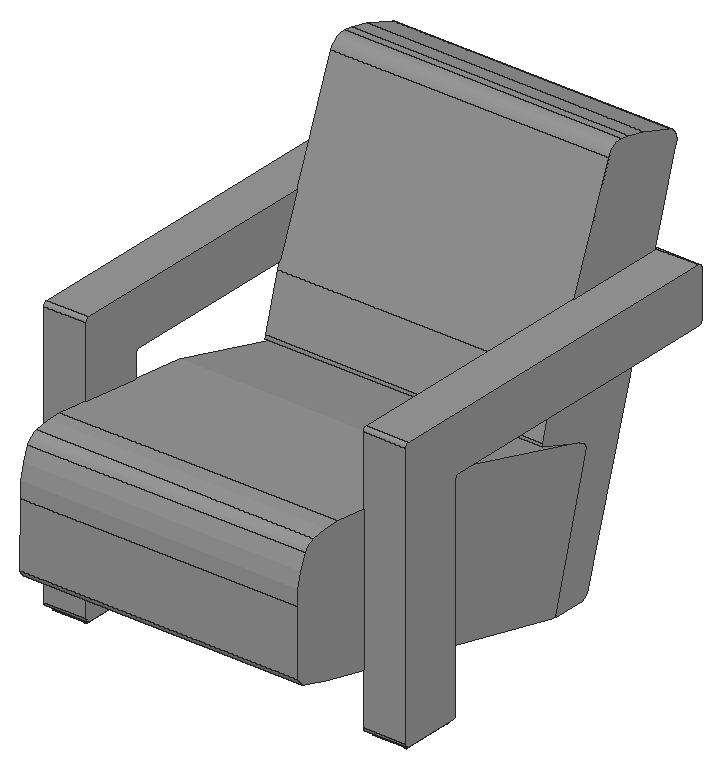
Revit family "Haworth_Utrecht_LoungeChair", category Furniture, Revit 2018
Family settings
  OmniClass Number = 23.40.70.14.64.21
  OmniClass Title = Systems Furniture
  Work Plane-Based = No
  Always vertical = Yes
  Cut with Voids When Loaded = No
  Shared = No
  Room Calculation Point = No
Parameters (values of type "Lounge Chair")
  Warranty = "http://www.haworth.com/resources/product-info/warranties"
  URL - Product = "https://www.haworth.com/na/en/products/lounge-sofas/ottomans/utrecht.html"
  URL = "https://www.haworth.com/na/en/about/brands/haworth-collection.html"
  Two Seat Sofa = not(Lounge Chair)  # no
  Sustainability Info = "https://www.haworth.com/na/en/expertise/sustainability.html"
  Size = "Verify Final Dim. w/ Haworth"  # constant formula
  Seat Upholstery Finish [instance] = Haworth _ Fabric _ Undecided _ Seating _ Lounge
  Revision Number = "1"  # constant formula
  Model = "Utrect"  # constant formula
  Manufacturer = "Haworth"  # constant formula
  Lounge Chair = yes
  Description = "Haworth - Cassina - Utrect - Lounge Chair"  # constant formula
  Back Upholstery Finish [instance] = Haworth _ Fabric _ Undecided _ Seating _ Lounge
  Author = "Haworth (Bentzen)"  # constant formula
  Assembly Code = "E2020200"
  Arm Upholstery Finish [instance] = Haworth _ Fabric _ Undecided _ Seating _ Lounge
  Actual Width = if(Lounge Chair, 25.200", 47.200")  # 25.200"
  Actual Height = 27.500"  # constant formula
  Actual Depth = 33.400"  # constant formula
Types (2): name | Two Seat Sofa | Lounge Chair | Actual Width
  Lounge Chair | no | yes | 25.200"
  Two Seat Sofa | yes | no | 47.200"
Reference planes (in)
  plane 1: z = 0
  plane 2 "Center (Left/Right)": x = 57.68562
  plane 3 "Back": y = 63.18871
  plane 4 "Front": y = 29.78871
  plane 5 "Center (Front/Back)": y = 46.48871
  plane 6 "Left": x = 45.08562
  plane 7 "Right": x = 70.28562
  plane 8: x = 45.3786
  plane 9: x = 48.39037
  plane 10: x = 69.99265
  plane 11: x = 66.98087
  plane 12: x = 48.0357
  plane 13: y = 30.20059
  plane 14: y = 61.67136
  plane 15: y = 55.11087
  plane 16: y = 39.94441
Lines and regions (in)
  Masking region 1
    outline origin (0, 0, 0) x (1, 0, 0) y (0, 1, 0)
      loop
        line (48.0357, 63.18871) -> (48.0357, 30.20059) -> (67.3357, 30.20059) -> (67.3357, 63.18871) -> (48.0357, 63.18871)
  symbolic lines
    curve 1: line (45.08562, 61.67136, 0) -> (48.0357, 61.67136, 0)
    curve 2: line (45.08562, 35.95343, 0) -> (45.08562, 61.67136, 0)
    curve 3: line (48.0357, 35.95343, 0) -> (45.08562, 35.95343, 0)
    curve 4: line (70.28562, 61.67136, 0) -> (67.33554, 61.67136, 0)
    curve 5: line (70.28562, 35.95343, 0) -> (70.28562, 61.67136, 0)
    curve 6: line (67.33554, 35.95343, 0) -> (70.28562, 35.95343, 0)
Dimensions and locks (in)
  "Actual Width": plane 6 "Left" to plane 7 "Right"
  "Actual Depth": plane 3 "Back" to plane 4 "Front"
  locked: plane 6 "Left" to plane 8 at 0.29297
  locked: plane 6 "Left" to plane 9 at 3.30475
  equal spacing: plane 6 "Left", plane 2 "Center (Left/Right)", plane 7 "Right"
  locked: plane 10 to plane 7 "Right" at 0.29297
  locked: plane 11 to plane 7 "Right" at 3.30475
  locked: plane 6 "Left" to plane 12 at 2.95008
  locked: plane 13 to plane 4 "Front" at 0.41188
  locked: plane 3 "Back" to plane 14 at 1.51735
  locked: plane 3 "Back" to plane 15 at 8.07784
  locked: plane 16 to plane 4 "Front" at 10.1557
  equal spacing: plane 3 "Back", plane 5 "Center (Front/Back)", plane 4 "Front"
  aligned and locked: nested 5 to plane 7 "Right"
  aligned and locked: plane 6 "Left" to nested 1
  aligned and locked: nested 6 to plane 9
  aligned and locked: nested 3 to plane 8
  aligned and locked: nested 8 to plane 11
  aligned and locked: nested 7 to plane 10
  aligned and locked: nested 4 to plane 12
  aligned and locked: plane 3 "Back" to Masking region 1
  aligned and locked: plane 13 to Masking region 1
  aligned and locked: plane 14 to curve 4
  aligned and locked: nested 5 to plane 14
  aligned and locked: plane 14 to nested 1
  aligned and locked: nested 7 to plane 16
  aligned and locked: plane 16 to nested 3
  aligned and locked: plane 15 to nested 6
  aligned and locked: nested 8 to plane 15
  aligned and locked: plane 13 to nested 4
  aligned and locked: nested 2 to plane 3 "Back"
  aligned and locked: plane 2 "Center (Left/Right)" to nested 2
Automatic sketch dimensions
  curve 1 to plane 6 "Left" = 0.000"
  curve 1 to plane 12 = 0.000"
  curve 3 to plane 12 = 0.000"
  curve 5 to plane 7 "Right" = 0.000"
  plane 4 "Front" to curve 6 = 6.16472"
  plane 4 "Front" to curve 2 = 6.16472"
  curve 1 to plane 3 "Back" = 1.51735"
  curve 4 to plane 11 = 0.35467"
  curve 6 to plane 11 = 0.35467"
  Masking region 1 sketch curve to plane 12 = 0.000"
  Masking region 1 sketch curve to plane 3 "Back" = 0.000"
  Masking region 1 sketch curve to plane 11 = 0.35483"
  plane 4 "Front" to Masking region 1 sketch curve = 0.41188"
Nested families (in)
  nested 1: "Haworth_Utrecht_LoungeChair_PART_Arm" at (75, -0.20629, 0), Arm Upholstery Finish <- "Arm Upholstery Finish", type "Arm"
    with Arm Upholstery Finish Haworth _ Fabric _ Undecided _ Seating _ Lounge
  nested 2: "Haworth_Utrecht_LoungeChair_PART_Back" at (69.99992, -0.39056, 0), Back Upholstery Finish <- "Back Upholstery Finish", type "Back"
    with Back Upholstery Finish Haworth _ Fabric _ Undecided _ Seating _ Lounge, Two-Seater no, One-Seater yes, Bench Width 19.300"
  nested 3: "Haworth_Utrecht_LoungeChair_PART_Glide" at (-11.74059, -8.99009, 0), type "Glide"
  nested 4: "Haworth_Utrecht_LoungeChair_PART_Seat" at (0, 0.05554, 0), Seat Upholstery Finish <- "Seat Upholstery Finish", type "Seat"
    with Seat Upholstery Finish Haworth _ Fabric _ Undecided _ Seating _ Lounge
  nested 5: "Haworth_Utrecht_LoungeChair_PART_Arm" at (40.37124, -0.20629, 0) x (-1, 0, 0) z (0, 0, 1), Arm Upholstery Finish <- "Arm Upholstery Finish", type "Arm"
    with Arm Upholstery Finish Haworth _ Fabric _ Undecided _ Seating _ Lounge
  nested 6: "Haworth_Utrecht_LoungeChair_PART_Glide" at (97.32487, -4.36756, 0) x (0, 1, 0) z (0, 0, 1), type "Glide"
  nested 7: "Haworth_Utrecht_LoungeChair_PART_Glide" at (127.11183, -8.99009, 0) x (-1, 0, 0) z (0, 0, 1), type "Glide"
  nested 8: "Haworth_Utrecht_LoungeChair_PART_Glide" at (18.04637, -4.36756, 0) x (0, 1, 0) z (0, 0, 1), type "Glide"
Definition of nested family "Haworth_Utrecht_LoungeChair_PART_Arm"
  Parameters (values of type "Arm")
    Warranty = "http://www.haworth.com/resources/product-info/warranties"
    URL - Product = "https://www.haworth.com/na/en/products/lounge-sofas/ottomans/utrecht.html"
    URL = "https://www.haworth.com/na/en/about/brands/haworth-collection.html"
    Sustainability Info = "https://www.haworth.com/na/en/expertise/sustainability.html"
    Size = "Verify Final Dim. w/ Haworth"  # constant formula
    Revision Number = "1"  # constant formula
    Model = "Utrect"  # constant formula
    Manufacturer = "Haworth"  # constant formula
    Description = "Haworth - Cassina - Utrect - Lounge Chair"  # constant formula
    Author = "Haworth (Bentzen)"  # constant formula
    Assembly Code = "E2020200"
    Arm Upholstery Finish [instance] = none
    Actual Width = 25.200"  # constant formula
    Actual Height = 27.500"  # constant formula
    Actual Depth = 33.400"  # constant formula
  Reference planes (in)
    plane 1: z = 0
    plane 2 "Center (Left/Right)": x = -16.56474
    plane 3: y = 63.98875
    plane 4: y = 29.78875
    plane 5: y = 46.88875
    plane 6: x = -32.11474
    plane 7: x = -1.01474
    plane 8: x = -29.91438
    plane 9: x = -26.9643
    plane 10: y = 61.87765
    plane 11: y = 36.15972
  Forms (in)
    Extrusion 1, solid, material <- "Arm Upholstery Finish"
      sketch origin (-16.56474, 0, 0) x (0, 1, 0) y (0, 0, 1)
        loop
          line (61.62765, 19.2729) -> (36.40972, 19.2729)
          arc (36.40972, 19.2729) -> (36.23294, 19.19968) -> (36.15972, 19.0229) r 0.25
          line (36.15972, 19.0229) -> (36.15972, 0.55088)
          arc (36.15972, 0.55088) -> (36.23294, 0.3741) -> (36.40972, 0.30088) r 0.25
          line (36.40972, 0.30088) -> (40.20104, 0.30088)
          arc (40.20104, 0.30088) -> (40.37782, 0.3741) -> (40.45104, 0.55088) r 0.25
          line (40.45104, 0.55088) -> (40.45104, 15.21802)
          arc (40.45104, 15.21802) -> (40.52426, 15.3948) -> (40.70104, 15.46802) r 0.25
          line (40.70104, 15.46802) -> (61.62765, 15.46802)
          arc (61.62765, 15.46802) -> (61.80443, 15.54124) -> (61.87765, 15.71802) r 0.25
          line (61.87765, 15.71802) -> (61.87765, 19.0229)
          arc (61.87765, 19.0229) -> (61.80443, 19.19968) -> (61.62765, 19.2729) r 0.25
      from -13.34964 to -10.39956
Definition of nested family "Haworth_Utrecht_LoungeChair_PART_Back"
  Parameters (values of type "Back")
    Warranty = "http://www.haworth.com/resources/product-info/warranties"
    URL - Product = "https://www.haworth.com/na/en/products/lounge-sofas/ottomans/utrecht.html"
    URL = "https://www.haworth.com/na/en/about/brands/haworth-collection.html"
    Two-Seater = not([One-Seater])  # yes
    Sustainability Info = "https://www.haworth.com/na/en/expertise/sustainability.html"
    Size = "Verify Final Dim. w/ Haworth"  # constant formula
    Revision Number = "1"  # constant formula
    One-Seater = no
    Model = "Utrect"  # constant formula
    Manufacturer = "Haworth"  # constant formula
    Description = "Haworth - Cassina - Utrect - Lounge Chair"  # constant formula
    Bench Width = if([One-Seater], 19.300", 41.300")  # 41.300"
    Back Upholstery Finish [instance] = none
    Author = "Haworth (Bentzen)"  # constant formula
    Assembly Code = "E2020200"
    Actual Width = 25.200"  # constant formula
    Actual Height = 27.500"  # constant formula
    Actual Depth = 33.400"  # constant formula
  Reference planes (in)
    plane 1: z = 0
    plane 2: y = 63.98875
    plane 3: y = 29.78875
    plane 4: y = 46.88875
    plane 5: x = -21.9643
    plane 6: x = 19.3357
    plane 7: x = -1.3143
  Forms (in)
    Extrusion 1, solid, material <- "Back Upholstery Finish"
      sketch origin (-11.56474, 0, 0) x (0, 1, 0) y (0, 0, 1)
        loop
          arc (51.94928, 11.42626) -> (51.92768, 11.32503) -> (51.92118, 11.22173) r 0.70277
          arc (51.92118, 11.22173) -> (53.24998, 10.77034) -> (54.56885, 10.29074) r 65.86938
          arc (54.56885, 10.29074) -> (55.04667, 10.10656) -> (55.49454, 9.85828) r 3.70693
          arc (55.49454, 9.85828) -> (55.59504, 9.76105) -> (55.65139, 9.63307) r 0.36342
          line (55.65139, 9.63307) -> (55.6365, 9.55868) -> (53.01383, 0.41493)
          arc (53.01383, 0.41493) -> (53.03472, 0.22072) -> (53.18529, 0.09628) r 0.2591
          line (53.18529, 0.09628) -> (55.18752, 0.08186)
          arc (55.18752, 0.08186) -> (55.5085, 0.16872) -> (55.73844, 0.40893) r 0.62002
          line (55.73844, 0.40893) -> (63.38698, 24.58723) -> (63.57927, 25.34329)
          arc (63.57927, 25.34329) -> (63.40997, 25.86781) -> (62.97765, 26.20971) r 0.94875
          arc (62.97765, 26.20971) -> (61.87949, 26.62395) -> (60.77038, 27.00795) r 42.8216
          arc (60.77038, 27.00795) -> (60.11795, 27.19671) -> (59.45308, 27.33542) r 8.946
          arc (59.45308, 27.33542) -> (59.13875, 27.38529) -> (58.82313, 27.42623) r 11.21941
          arc (58.82313, 27.42623) -> (58.11798, 27.27448) -> (57.65038, 26.72528) r 1.1236
          line (57.65038, 26.72528) -> (53.00701, 15.05088) -> (51.94928, 11.42626)
      from -10.39956 to 30.90044
  Dimensions and locks (in)
    "Bench Width": plane 5 to plane 6
    equal spacing: plane 5, plane 7, plane 6
    aligned and locked: plane 5 to Extrusion 1
    aligned and locked: Extrusion 1 to plane 6
  Automatic sketch dimensions
    plane 3 to Extrusion 1 sketch curve = 1.61121"
    plane 4 to Extrusion 1 sketch curve = 0.42777"
    plane 4 to Extrusion 1 sketch curve = 5.06053"
    Extrusion 1 sketch curve to Extrusion 1 sketch curve = 0.67463"
    Extrusion 1 sketch curve to Extrusion 1 sketch curve = 1.05773"
    level to Extrusion 1 sketch curve = 0.41493"
    level to Extrusion 1 sketch curve = 0.09628"
    Extrusion 1 sketch curve to Extrusion 1 sketch curve = 0.17146"
    Extrusion 1 sketch curve to Extrusion 1 sketch curve = 0.07761"
    Extrusion 1 sketch curve to Extrusion 1 sketch curve = 0.85377"
    level to Extrusion 1 sketch curve = 0.08186"
    Extrusion 1 sketch curve to Extrusion 1 sketch curve = 1.92463"
    Extrusion 1 sketch curve to Extrusion 1 sketch curve = 0.00447"
    Extrusion 1 sketch curve to Extrusion 1 sketch curve = 2.6729"
    Extrusion 1 sketch curve to Extrusion 1 sketch curve = 0.33968"
    level to Extrusion 1 sketch curve = 0.40893"
    Extrusion 1 sketch curve to Extrusion 1 sketch curve = 0.54645"
    Extrusion 1 sketch curve to Extrusion 1 sketch curve = 4.53108"
    Extrusion 1 sketch curve to plane 2 = 6.33837"
    Extrusion 1 sketch curve to Extrusion 1 sketch curve = 0.4216"
    Extrusion 1 sketch curve to Extrusion 1 sketch curve = 1.04405"
    Extrusion 1 sketch curve to plane 2 = 1.35808"
    Extrusion 1 sketch curve to plane 2 = 0.60177"
    Extrusion 1 sketch curve to plane 2 = 0.40948"
    Extrusion 1 sketch curve to level = 13.64526"
    Extrusion 1 sketch curve to Extrusion 1 sketch curve = 37.72418"
    Extrusion 1 sketch curve to Extrusion 1 sketch curve = 6.04618"
    Extrusion 1 sketch curve to Extrusion 1 sketch curve = 2.80532"
    Extrusion 1 sketch curve to Extrusion 1 sketch curve = 0.00532"
    Extrusion 1 sketch curve to Extrusion 1 sketch curve = 1.67603"
    Extrusion 1 sketch curve to Extrusion 1 sketch curve = 0.19687"
    Extrusion 1 sketch curve to Extrusion 1 sketch curve = 3.62462"
    Extrusion 1 sketch curve to Extrusion 1 sketch curve = 1.22977"
    Extrusion 1 sketch curve to Extrusion 1 sketch curve = 2.23429"
    Extrusion 1 sketch curve to Extrusion 1 sketch curve = 6.07228"
    Extrusion 1 sketch curve to Extrusion 1 sketch curve = 0.73946"
    Extrusion 1 sketch curve to Extrusion 1 sketch curve = 0.75606"
    Extrusion 1 sketch curve to Extrusion 1 sketch curve = 0.98333"
    Extrusion 1 sketch curve to Extrusion 1 sketch curve = 0.41526"
    Extrusion 1 sketch curve to Extrusion 1 sketch curve = 0.0281"
    Extrusion 1 sketch curve to Extrusion 1 sketch curve = 0.72796"
    Extrusion 1 sketch curve to Extrusion 1 sketch curve = 0.000"  (x3)
    Extrusion 1 sketch curve to Extrusion 1 sketch curve = 0.01489"
    Extrusion 1 sketch curve to Extrusion 1 sketch curve = 0.62995"
    plane 4 to Extrusion 1 sketch curve = 6.12508"
Definition of nested family "Haworth_Utrecht_LoungeChair_PART_Glide"
  Parameters (values of type "Glide")
    Warranty = "http://www.haworth.com/resources/product-info/warranties"
    URL - Product = "https://www.haworth.com/na/en/products/lounge-sofas/ottomans/utrecht.html"
    URL = "https://www.haworth.com/na/en/about/brands/haworth-collection.html"
    Sustainability Info = "https://www.haworth.com/na/en/expertise/sustainability.html"
    Size = "Verify Final Dim. w/ Haworth"  # constant formula
    Revision Number = "1"  # constant formula
    Model = "Utrect"  # constant formula
    Manufacturer = "Haworth"  # constant formula
    Description = "Haworth - Cassina - Utrect - Lounge Chair"  # constant formula
    Author = "Haworth (Bentzen)"  # constant formula
    Assembly Code = "E2020200"
    Actual Width = 25.200"  # constant formula
    Actual Height = 27.500"  # constant formula
    Actual Depth = 33.400"  # constant formula
  Reference planes (in)
    plane 1: z = 0
    plane 2 "Center (Left/Right)": x = 58.43526
    plane 3: y = 48.9345
    plane 4: y = 45.39118
    plane 5: y = 46.88875
    plane 6: x = 57.11918
    plane 7: x = 59.47843
  Forms (in)
    Extrusion 1, solid
      sketch origin (58.43526, 0, 0) x (0, 1, 0) y (0, 0, 1)
        loop
          line (48.9345, 0.77611) -> (45.39118, 0.77611) -> (45.39118, 0.05)
          arc (45.39118, 0.05) -> (45.40582, 0.01464) -> (45.44118, 0) r 0.05
          line (45.44118, 0) -> (48.8845, 0)
          arc (48.8845, 0) -> (48.91985, 0.01464) -> (48.9345, 0.05) r 0.05
          line (48.9345, 0.05) -> (48.9345, 0.77611)
      from -1.31608 to 1.04318
Definition of nested family "Haworth_Utrecht_LoungeChair_PART_Seat"
  Parameters (values of type "Seat")
    Warranty = "http://www.haworth.com/resources/product-info/warranties"
    URL - Product = "https://www.haworth.com/na/en/products/lounge-sofas/ottomans/utrecht.html"
    URL = "https://www.haworth.com/na/en/about/brands/haworth-collection.html"
    Two-Seater = not([One-Seater])  # no
    Sustainability Info = "https://www.haworth.com/na/en/expertise/sustainability.html"
    Size = "Verify Final Dim. w/ Haworth"  # constant formula
    Seat Upholstery Finish [instance] = none
    Revision Number = "1"  # constant formula
    One-Seater = yes
    Model = "Utrect"  # constant formula
    Manufacturer = "Haworth"  # constant formula
    Description = "Haworth - Cassina - Utrect - Lounge Chair"  # constant formula
    Bench Width = if([One-Seater], 19.300", 41.300")  # 19.300"
    Author = "Haworth (Bentzen)"  # constant formula
    Assembly Code = "E2020200"
    Actual Width = 25.200"  # constant formula
    Actual Height = 27.500"  # constant formula
    Actual Depth = 33.400"  # constant formula
  Reference planes (in)
    plane 1: z = 0
    plane 2 "Center (Left/Right)": x = 58.43526
    plane 3: y = 63.98875
    plane 4: y = 29.78875
    plane 5: y = 46.88875
    plane 6: x = 42.88526
    plane 7: x = 73.98526
    plane 8: x = 48.0357
    plane 9: x = 67.3357
  Forms (in)
    Extrusion 1, solid, material <- "Seat Upholstery Finish"
      sketch origin (58.43526, 0, 0) x (0, 1, 0) y (0, 0, 1)
        loop
          arc (54.12275, 10.29074) -> (44.04234, 13.18648) -> (33.63009, 14.44555) r 65.86938
          arc (33.63009, 14.44555) -> (32.60776, 14.4163) -> (31.59925, 14.2462) r 7.39092
          arc (31.59925, 14.2462) -> (31.16265, 14.03758) -> (30.84863, 13.66945) r 1.16384
          arc (30.84863, 13.66945) -> (30.29174, 12.18678) -> (30.15848, 10.60859) r 5.77615
          arc (30.15848, 10.60859) -> (30.21515, 8.35654) -> (30.14505, 6.10486) r 40.0332
          arc (30.14505, 6.10486) -> (30.41338, 5.70447) -> (30.82796, 5.45861) r 1.09192
          arc (30.82796, 5.45861) -> (31.72063, 5.18317) -> (32.62038, 4.93186) r 34.71397
          arc (32.62038, 4.93186) -> (42.4133, 2.44548) -> (52.25524, 0.16082) r 491.73808
          arc (52.25524, 0.16082) -> (52.51309, 0.20871) -> (52.65777, 0.42746) r 0.33561
          arc (52.65777, 0.42746) -> (53.72918, 5.03992) -> (55.21374, 9.53644) r 52.25319
          arc (55.21374, 9.53644) -> (55.17399, 9.7194) -> (55.04844, 9.85828) r 0.36342
          arc (55.04844, 9.85828) -> (54.60057, 10.10656) -> (54.12275, 10.29074) r 3.70693
      from -10.39956 to 8.90044
  Dimensions and locks (in)
    "Bench Width": plane 8 to plane 9
    aligned and locked: plane 8 to Extrusion 1
    aligned and locked: Extrusion 1 to plane 9
  Automatic sketch dimensions
    level to Extrusion 1 sketch curve = 8.47596"
    Extrusion 1 sketch curve to plane 4 = 39.60662"
    plane 4 to Extrusion 1 sketch curve = 1.1651"
    plane 4 to Extrusion 1 sketch curve = 1.37516"
    plane 4 to Extrusion 1 sketch curve = 2.083"
    Extrusion 1 sketch curve to Extrusion 1 sketch curve = 2.16589"
    Extrusion 1 sketch curve to Extrusion 1 sketch curve = 4.05468"
    Extrusion 1 sketch curve to plane 5 = 5.38047"
    level to Extrusion 1 sketch curve = 0.4885"
    plane 5 to Extrusion 1 sketch curve = 5.43901"
    plane 5 to Extrusion 1 sketch curve = 6.14283"
    Extrusion 1 sketch curve to Extrusion 1 sketch curve = 1.81913"
    Extrusion 1 sketch curve to level = 9.07703"
    plane 3 to Extrusion 1 sketch curve = 40.05054"
    plane 3 to Extrusion 1 sketch curve = 94.53252"
    Extrusion 1 sketch curve to level = 51.36944"
    level to Extrusion 1 sketch curve = 6.49757"
    Extrusion 1 sketch curve to Extrusion 1 sketch curve = 6.25954"
    Extrusion 1 sketch curve to Extrusion 1 sketch curve = 0.56317"
    Extrusion 1 sketch curve to Extrusion 1 sketch curve = 2.80532"
    Extrusion 1 sketch curve to Extrusion 1 sketch curve = 3.85556"
    Extrusion 1 sketch curve to Extrusion 1 sketch curve = 2.19842"
    Extrusion 1 sketch curve to Extrusion 1 sketch curve = 25.37403"
    Extrusion 1 sketch curve to Extrusion 1 sketch curve = 441.79067"
    plane 4 to Extrusion 1 sketch curve = 0.35629"
    plane 4 to Extrusion 1 sketch curve = 0.36973"
    Extrusion 1 sketch curve to Extrusion 1 sketch curve = 0.000"  (x9)
    Extrusion 1 sketch curve to Extrusion 1 sketch curve = 0.72796"
